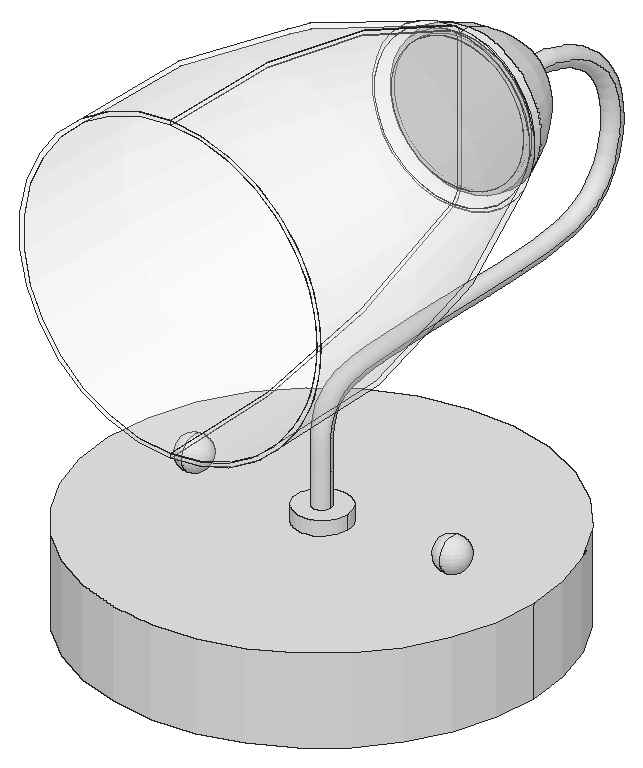
Revit family "P2706-20 1-100W MED BATH BRACKET", category Lighting Fixtures, host Face, Revit 2012
Parameters (values of type "P2706-20 1-100W MED BATH BRACKET")
  Wattage Comments = "13 W"  # constant formula
  URL = "http://www.progresslighting.com/"
  Product Page URL = "http://www.progresslighting.com/products.aspx?product=P2706-20"
  Product Documentation Link = "http://www.progresslighting.com/SpecSheets/P2706.pdf"
  Mounting = "Wall Mount"  # constant formula
  Model = "P2706-20"  # constant formula
  Manufacturer Phone = "864-678-1000"  # constant formula
  Manufacturer Fax = "864-678-1065"  # constant formula
  Manufacturer = "Progress Lighting"  # constant formula
  Lamp = "One "  # constant formula
  Glass = Ethed Glass Shade
  Description = "One-light bath with bulb"  # constant formula
  Default Elevation = 48"
  Back Plate = Painted Antique Bronze
Reference planes (in)
  plane 1 "Center (Front/Back)": y = 0
  plane 2: z = 0
  plane 3 "Center (Left/Right)": x = 0
  plane 4: x = 3.18019
  plane 5: x = -39.06981
  plane 6: x = -3.31981
  plane 7: z = 1
  plane 8: x = -1.5
Forms (in)
  Extrusion 1, solid, material "Painted Antique Bronze" <- "Back Plate"
    sketch origin (-0.06981, -0.12476, 0) x (-1, 0, 0) y (0, -1, 0)
      loop
        circle (-0.07097, -0.11829) r 2.5
    from 0 to 1
  Revolve 2, solid, material "Painted Antique Bronze" <- "Back Plate"
    sketch origin (-1.5, -180, 1) x (0, 0, -1) y (0, -1, 0)
      loop
        line (0, -180) -> (-0.375, -180)
        arc (-0.375, -180) -> (-0.1875, -180.1875) -> (0, -180) r 0.1875
      axis (-0.375, -180) -> (0, -180)
    angle from 0 to 360
  Revolve 3, solid, material "Painted Antique Bronze" <- "Back Plate"
    sketch origin (1.53864, -180, 1) x (0, 0, -1) y (0, 1, 0)
      loop
        arc (0, 180) -> (-0.1875, 180.1875) -> (-0.375, 180) r 0.1875
        line (-0.375, 180) -> (0, 180)
      axis (-0.375, 180) -> (0, 180)
    angle from 0 to 360
Dimensions and locks (in)
  plane 5 to plane 3 "Center (Left/Right)" = 39.06981"
  plane 4 to plane 3 "Center (Left/Right)" = 3.18019"
  plane 5 to plane 6 to plane 3 "Center (Left/Right)" = 35 3/4" locked, 3.31981"
  plane 1 "Center (Front/Back)" to nested 1 = 1.05795"
  locked: plane 1 "Center (Front/Back)" to nested 1 at 1.05795
  locked: plane 2 to plane 7 at 1
  nested 1 to plane 3 "Center (Left/Right)" = 0.01932"  (x2)
  nested 1 to plane 1 "Center (Front/Back)" = 1.05795"
  radius of Extrusion 1 sketch curve = 2 1/2"
  aligned and locked: plane 2 to host face
  aligned and locked: plane 7 to Extrusion 1
Nested families (in)
  nested 1: "P2706_inverted" at (0.01932, 1.05795, 1) x (-1, 0, 0) z (0, 0, 1), type "P2706_inverted"
Connectors (in)
  electrical at (0, 0, 0)
    settings: index 1, voltage 0 V, apparent load 0 VA, apparent load phase1 0 VA, apparent load phase2 0 VA, apparent load phase3 0 VA, power factor 1, load classification "Other", number of poles 1, system type 31, power factor state 1, is connector primary yes, connector utility no, sub classification motor no, connector description ""
Definition of nested family "P2706_inverted"
  Parameters (values of type "P2706_inverted")
    Wattage = 9.2903 W
    built-in parameter 1150110 = 1 (stored number, unit not read)
    built-in parameter 1114217 = 1 (stored number, unit not read)
    built-in parameter 1150109 = 1 (stored number, unit not read)
    built-in parameter 1150134 = 3
    built-in parameter 1150113 = 1 (stored number, unit not read)
    built-in parameter 1150105 = 109.82 (stored number, unit not read)
    Lumens = 1380 lm
    built-in parameter 1150115 = 1 (stored number, unit not read)
    Light Source Symbol Size = 3"
    built-in parameter 1150137 = (empty or 0)
    built-in parameter 1150139 = (empty or 0)
    built-in parameter 1150112 = 1 (stored number, unit not read)
    built-in parameter 1150114 = 1 (stored number, unit not read)
    built-in parameter 1150132 = (empty or 0)
    built-in parameter 1150102 = (empty or 0)
    built-in parameter 1150107 = 3200 (stored number, unit not read)
    built-in parameter 1150138 = (empty or 0)
    built-in parameter 1150106 = 1.0982 (stored number, unit not read)
    Glass = Ethed Glass Shade
    built-in parameter 1150104 = 13.8 (stored number, unit not read)
    Dimming Lamp Color Temperature Shift = (empty or 0)
    Default Elevation = 48"
    Color Filter = 16777215
    built-in parameter 1114218 = 1 (stored number, unit not read)
    Back Plate = Painted Antique Bronze
    built-in parameter 1150133 = 10 (stored number, unit not read)
  Reference planes (in)
    plane 1 "Center (Front/Back)": y = 0
    plane 2: z = -1.32579
    plane 3 "Center (Left/Right)": x = 0
    plane 4: z = 5.17421
    plane 5: z = 1.83809
    plane 6: y = -0.97098
    plane 7: z = 5.16387
    plane 8: z = 3.42421
  Forms (in)
    Extrusion 1, solid
      sketch origin (0, 0, 0) x (1, 0, 0) y (0, 1, 0)
        loop
          line (-48, 48) -> (-48, -48) -> (48, -48) -> (48, 48) -> (-48, 48)
      from -1.32579 to -12
    Extrusion 2, solid, material "Painted Antique Bronze" <- "Back Plate"
      sketch origin (0, 0.05805, 0) x (-1, 0, 0) y (0, -1, 0)
        loop
          circle (-0.01972, -0.99512) r 0.3
      from 0 to 0.16387
    Sweep 3, solid, material "Painted Antique Bronze" <- "Back Plate"
      path origin (0, 0.1246, 0) x (0, -1, 0) y (0, 0, 1)
        loop
          spline (-0.92936, 0.16387) -> (-0.9305, 0.83136) -> (-0.73341, 1.28118) -> (-0.14975, 1.40768) -> (0.57246, 1.42309) -> (1.27196, 1.42516) -> (1.8772, 1.42987) -> (2.42911, 1.46258) -> (2.93419, 1.60051) -> (3.27733, 2.01163) -> (3.31266, 2.65062) -> (2.88802, 3.20254) -> (2.09345, 3.42421)
      profile origin (0, -1.7526, 1.42987) x (0, 0.024605, 0.999697) y (-1, 0, 0)
        loop
          circle (0, -0.02216) r 0.10287
    Revolve 4, solid, material "Ethed Glass Shade" <- "Glass"
      sketch origin (0, -0.12045, -1.32579) x (0, -1, 0) y (0, 0, 1)
        loop
          arc (-3.42574, 2.96847) -> (-1.28591, 3.09533) -> (0.74175, 3.79073) r 7.92917
          arc (0.74175, 3.79073) -> (0.82115, 3.86355) -> (0.85053, 3.96719) r 0.19752
          line (0.85053, 3.96719) -> (0.85053, 4.75) -> (0.80053, 4.75) -> (0.80053, 3.96826)
          arc (0.80053, 3.96826) -> (0.77833, 3.88993) -> (0.71832, 3.83491) r 0.14926
          arc (0.71832, 3.83491) -> (-1.298, 3.14391) -> (-3.42574, 3.01862) r 7.87917
          line (-3.42574, 3.01862) -> (-3.42574, 2.96847)
        axis (0.85053, 4.75) -> (-3.42574, 4.75)
      angle from 0 to 360
    Revolve 5, solid, material "Painted Antique Bronze" <- "Back Plate"
      sketch origin (0, -0.10456, 0) x (0, -1, 0) y (0, 0, 1)
        loop
          line (1.9006, 3.42421) -> (0.86641, 3.42421) -> (0.86641, 2.59003) -> (0.97372, 2.571)
          arc (0.97372, 2.571) -> (1.47824, 2.84497) -> (1.86429, 3.2699) r 1.71757
          arc (1.86429, 3.2699) -> (1.89041, 3.28636) -> (1.9006, 3.3155) r 0.04679
          line (1.9006, 3.3155) -> (1.9006, 3.42421)
        axis (1.9006, 3.42421) -> (0.86641, 3.42421)
      angle from 0 to 360
  Lines and regions (in)
    model lines
      curve 1: line (0, -2.00516, 3.42463) -> (0, -2.00516, 3.3155)
      curve 2: arc (0, -2.00516, 3.3155) -> (0, -2.01535, 3.28636) -> (0, -2.04147, 3.2699) r 0.04679
  Dimensions and locks (in)
    plane 5 to plane 4 = 3.33613"
    Extrusion 1 to plane 4 = 6 1/2"
    radius of Extrusion 2 sketch curve = 0.3"
    aligned and locked: plane 2 to Extrusion 1
    aligned and locked: Extrusion 2 to level
    aligned and locked: plane 3 "Center (Left/Right)" to imposter light
    aligned and locked: plane 6 to Revolve 4 sketch curve
    aligned and locked: plane 8 to Sweep 3
    aligned and locked: Revolve 5 sketch curve to curve 1
    aligned and locked: Revolve 5 sketch curve to plane 8
    aligned and locked: Revolve 5 sketch curve to Revolve 5 sketch curve
    aligned and locked: plane 8 to Sweep 3 sketch curve
    aligned and locked: Sweep 3 sketch curve to Extrusion 2
    aligned and locked: imposter light to plane 8
